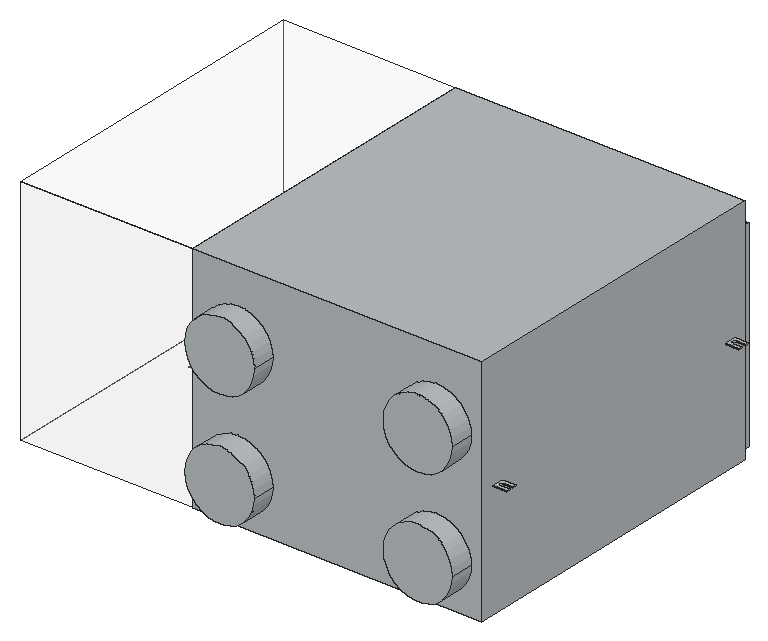
Revit family "lgh-n150_200rx4d_50Hz", category 機械設備, Revit 2019
Family settings
  丸型コネクタ寸法 = 直径を使用
  パーツ タイプ = 標準
  OmniClass 番号 = 23.75.10.34.21
  OmniClass タイトル = Heat Exchangers for Ventilation Air
  作業面ベース = いいえ
  常に垂直 = はい
  ロード時にボイドで切り取り = いいえ
  共有 = いいえ
  部屋計算ポイント = はい
Parameters (values of type "LGH-N150RX4D")
  騒音レベル(dB(A)) = 55
  風量 = 1500.0 m³/h
  面風速 = 8.5 m/s
  電源種別 [instance] = "一般"
  電圧 = 200 V
  電動機出力 = 0 W
  集中コントローラ = ""
  運転質量 = 0.00 kg
  連動 [instance] = ""
  質量 = if(製品質量 > 運転質量, 製品質量, 運転質量) * 1.2  # 144.00 kg
  負荷分類 = 3_ファン類
  説明 = "業務用ロスナイ 天井埋込形"
  設計風量 = 0.0 m³/h
  設置方法 = "天井吊(隠ぺい)形"
  記号 [instance] = ""
  製造元 = "MITSIBISHI ELECTRIC"
  製品質量 = 120.00 kg
  製品出荷対象 = "国内"
  製品リリース年月 = "2023/5/15"
  製品グループ = ""
  系統 [instance] = ""
  符号 = "HEU"
  積算_科目 = "1 空気調和設備"
  積算_拾い区分 [instance] = ""
  相 = 1
  盤記号 [instance] = ""
  発停方法 [instance] = ""
  特殊仕様 [instance] = ""
  点検口高さ = -Height  # -808 mm
  点検口離隔 = 150 mm
  点検口_Depth = 450 mm
  点検口 = yes
  火災停止 [instance] = ""
  温度交換効率 = 74.00%
  消費電力 = 840 W
  法定耐用年数 = "15"
  機外静圧_排気 = 170.0 Pa
  機外静圧 = 170.0 Pa
  極数 = 3
  材質 [instance] = ""
  本体マテリアル = 溶融亜鉛めっき鋼板
  操作・制御方式 = ""
  操作・制御スイッチ = ""
  排気量 = 0.0 m³/h
  形式 = "天井埋込ダクト形"
  幹線記号 [instance] = ""
  対象室 [instance] = ""
  実風量 = 0.0 m³/h
  始動方式 [instance] = "直入"
  天吊金具_径 = 15 mm
  天吊金具_幅 = 30 mm
  外気量 = 設計風量  # 0.0 m³/h
  呼称 = "全熱交換ユニット"
  周波数 = 50 Hz
  天吊金具ピッチ2 = 1010 mm
  天吊金具ピッチ1 = 1045 mm
  天吊金具_高さ = 404 mm
  参照している仕様書等のバージョン = ""
  初期抵抗 = 0.0 Pa
  分類コード = "50052504100070"
  分類グループ = ""
  価格 = 1065000
  企業コード = "108420"
  付属品_フィルター_還気 = ""
  付属品_フィルター = ""
  付属品 [instance] = ""
  仕様書バージョン = "Version1.0"
  モデル = "LGH-N150RX4D"
  メンテナンススペース = yes
  ダクト高 = 700 mm
  ダクト径 = 250 mm
  ダクト幅 = 270 mm
  コメント [instance] = ""
  Keynote = ""
  エンタルピ交換効率_暖房 = 76.00%
  エンタルピ交換効率_冷房 = 66.00%
  Assembly Code = ""
  Width = 1004 mm
  Version = ""
  Uniclass2015Version = "Systems v1.9"
  Uniclass2015Title = "Thermal wheels"
  Uniclass2015Code = "Pr_60_60_36_88"
  URL = "https://www.mitsubishielectric.co.jp/ldg/wink/qr/002/324468/"
  SpecificationReference = ""
  SpecificationDescription = ""
  SMAX風量 = 1500.0 m³/h
  SMAX静圧 = 170.0 Pa
  SAサイズ_D = 242 mm
  Revision = ""
  RAサイズ_D = 242 mm
  ProductInformation = ""
  OmniClassCode = "23-27 23 19 11"
  OAサイズ_W = 270 mm
  OAサイズ_D = 700 mm
  MIN風量 = 770.0 m³/h
  MIN静圧 = 41.0 Pa
  MID風量 = 1260.0 m³/h
  MID静圧 = 109.0 Pa
  MAX風量 = 1500.0 m³/h
  MAX静圧 = 155.0 Pa
  IfcTypeProduct = ""
  IfcProduct = ""
  IfcExportType = "ROTARYWHEEL"
  IfcExportAs = "IfcAirToAirHeatRecoveryType"
  Height = 808 mm
  EAサイズ_W = 270 mm
  EAサイズ_D = 700 mm
  Duct_Pitch = 690 mm
  Duct_Height = 242 mm
  Duct_Depth_SA_RA = 79 mm
  Duct_Depth_OA_EA = 44 mm
  Depth = 1144 mm
  Clearance Top = 0 mm
  Clearance Left = 600 mm
  Clearance Bottom = 0 mm
  Box_Width = 115 mm
  Box_Height = 262 mm
  Box_H = 125 mm
  Box_Depth = 172 mm
  Box_D = 144 mm
  Author = "MITSUBISHI ELECTRIC"
Types (2, lengths in mm): name | 騒音レベル(dB(A)) | 風量 | 面風速 | 質量 | 製品質量 | 温度交換効率 | 消費電力 | 機外静圧_排気 | 機外静圧 | 天吊金具ピッチ1 | 価格 | モデル | エンタルピ交換効率_暖房 | エンタルピ交換効率_冷房 | Width | URL | SMAX風量 | SMAX静圧 | MIN風量 | MIN静圧 | MID風量 | MID静圧 | MAX風量 | MAX静圧 | Duct_Pitch
  LGH-N150RX4D | 55 | 1500.0 m³/h | 8.5 m/s | 144.00 kg | 120.00 kg | 74.00% | 840 W | 170.0 Pa | 170.0 Pa | 1045 | 1065000 | "LGH-N150RX4D" | 76.00% | 66.00% | 1004 | "https://www.mitsubishielectric.co.jp/ldg/wink/qr/002/324468/" | 1500.0 m³/h | 170.0 Pa | 770.0 m³/h | 41.0 Pa | 1260.0 m³/h | 109.0 Pa | 1500.0 m³/h | 155.0 Pa | 690
  LGH-N200RX4D | 56 | 2000.0 m³/h | 11.3 m/s | 158.40 kg | 132.00 kg | 73.00% | 1060 W | 155.0 Pa | 155.0 Pa | 1272 | 1210000 | "LGH-N200RX4D" | 75.00% | 65.00% | 1231 | "https://www.mitsubishielectric.co.jp/ldg/wink/qr/002/324471/" | 2000.0 m³/h | 155.0 Pa | 840.0 m³/h | 23.0 Pa | 1400.0 m³/h | 64.0 Pa | 2000.0 m³/h | 130.0 Pa | 917
Reference planes
  plane 1 "中心(正面/背面)": y = 0
  plane 2: z = 0
  plane 3 "中心(左/右)": x = 0
  plane 4: x = -502
  plane 5: x = 502
  plane 6: y = 572
  plane 7: y = -572
  plane 8: z = -808
  plane 9: z = -242
  plane 10: x = -345
  plane 11: x = 345
  plane 12: y = -651
  plane 13: y = 616
  plane 14: x = -581
  plane 15: x = 581
  plane 16: x = -1102
  plane 17: y = -428
  plane 18: y = -256
  plane 19: z = -125
  plane 20: z = -387
  plane 21: x = -617
  plane 22: x = -652
  plane 23: y = 225
  plane 24: x = -522.5
  plane 25: x = 522.5
  plane 26: y = 505
  plane 27: y = -505
  plane 28: y = -225
  plane 29: x = -552.5
  plane 30: y = 525
  plane 31: y = 485
  plane 32: y = -485
  plane 33: y = -525
  plane 34: z = -5
  plane 35: z = -404
  plane 36: z = -407
  plane 37: x = 552.5
  plane 38: z = -404
  plane 39: x = 480
  plane 40: x = 210
  plane 41: x = -480
  plane 42: x = -210
  plane 43: z = -94
  plane 44: z = -794
  plane 45: z = -94
  plane 46: z = -794
  plane 47: z = -646
  plane 48: z = -529
  plane 49: z = -791
  plane 50: z = -444
  plane 51: z = 0
  plane 52: z = -808
Forms (mm)
  Extrusion 1, solid, material "溶融亜鉛めっき鋼板" <- "本体マテリアル", detail levels fine
    sketch origin (0, 0, 0) x (1, 0, 0) y (0, 1, 0)
      loop
        line (-502, 572) -> (-502, -572) -> (502, -572) -> (502, 572) -> (-502, 572)
    from 0 to -808
  Extrusion 2, solid, material "溶融亜鉛めっき鋼板" <- "本体マテリアル", detail levels fine
    sketch origin (502, -572, 0) x (-1, 0, 0) y (0, 0, -1)
      loop
        circle (847, 242) r 121
    from 0 to 79
  Extrusion 3, solid, material "溶融亜鉛めっき鋼板" <- "本体マテリアル", detail levels fine
    sketch origin (510, -445, 0) x (-1, 0, 0) y (0, 0, -1)
      loop
        circle (165, 242) r 121
    from 127 to 206
  Extrusion 4, solid, material "溶融亜鉛めっき鋼板" <- "本体マテリアル", detail levels fine
    sketch origin (-502, -572, 0) x (0, 1, 0) y (0, 0, -1)
      loop
        line (316, 125) -> (316, 387) -> (144, 387) -> (144, 125) -> (316, 125)
      loop
        line (316, 529) -> (316, 791) -> (144, 791) -> (144, 529) -> (316, 529)
    from 0 to 115
  Extrusion 5, solid, material "溶融亜鉛めっき鋼板" <- "本体マテリアル", detail levels fine
    sketch origin (0, 0, 0) x (1, 0, 0) y (0, 1, 0)
      loop
        line (-552.5, 525) -> (-552.5, 512.5) -> (-522.5, 512.5)
        arc (-522.5, 512.5) -> (-515, 505) -> (-522.5, 497.5) r 7.5
        line (-522.5, 497.5) -> (-552.5, 497.5) -> (-552.5, 485) -> (-502, 485) -> (-502, 525) -> (-552.5, 525)
    from -404 to -407
  Extrusion 6, solid, material "溶融亜鉛めっき鋼板" <- "本体マテリアル", detail levels fine
    sketch origin (0, 0, 0) x (1, 0, 0) y (0, 1, 0)
      loop
        line (-552.5, -525) -> (-502, -525) -> (-502, -485) -> (-552.5, -485) -> (-552.5, -497.5) -> (-522.5, -497.5)
        arc (-522.5, -497.5) -> (-515, -505) -> (-522.5, -512.5) r 7.5
        line (-522.5, -512.5) -> (-552.5, -512.5) -> (-552.5, -525)
    from -404 to -407
  Extrusion 7, solid, material "溶融亜鉛めっき鋼板" <- "本体マテリアル", detail levels fine
    sketch origin (0, 0, 0) x (-1, 0, 0) y (0, -1, 0)
      loop
        line (-552.5, 525) -> (-552.5, 512.5) -> (-522.5, 512.5)
        arc (-522.5, 512.5) -> (-515, 505) -> (-522.5, 497.5) r 7.5
        line (-522.5, 497.5) -> (-552.5, 497.5) -> (-552.5, 485) -> (-502, 485) -> (-502, 525) -> (-552.5, 525)
    from -404 to -407
  Extrusion 8, solid, material "溶融亜鉛めっき鋼板" <- "本体マテリアル", detail levels fine
    sketch origin (0, 0, 0) x (-1, 0, 0) y (0, -1, 0)
      loop
        line (-552.5, -525) -> (-502, -525) -> (-502, -485) -> (-552.5, -485) -> (-552.5, -497.5) -> (-522.5, -497.5)
        arc (-522.5, -497.5) -> (-515, -505) -> (-522.5, -512.5) r 7.5
        line (-522.5, -512.5) -> (-552.5, -512.5) -> (-552.5, -525)
    from -404 to -407
  Extrusion 9, solid, material "溶融亜鉛めっき鋼板" <- "本体マテリアル", detail levels fine
    sketch origin (0, 0, 0) x (1, 0, 0) y (0, 0, 1)
      loop
        circle (-345, -646) r 121
    from 572 to 651
  Extrusion 10, solid, material "溶融亜鉛めっき鋼板" <- "本体マテリアル", detail levels fine
    sketch origin (0, 0, 0) x (1, 0, 0) y (0, 0, 1)
      loop
        circle (345, -646) r 121
    from 572 to 651
  Extrusion 11, solid, material "溶融亜鉛めっき鋼板" <- "本体マテリアル", detail levels fine
    sketch origin (0, 0, 0) x (1, 0, 0) y (0, 0, 1)
      loop
        line (480, -794) -> (480, -94) -> (210, -94) -> (210, -794) -> (480, -794)
    from -616 to -572
  Extrusion 12, solid, material "溶融亜鉛めっき鋼板" <- "本体マテリアル", detail levels fine
    sketch origin (0, 0, 0) x (1, 0, 0) y (0, 0, 1)
      loop
        line (-480, -794) -> (-210, -794) -> (-210, -94) -> (-480, -94) -> (-480, -794)
    from -616 to -572
Lines and regions (mm)
  Masking region 1, detail levels coarse+medium
    outline origin (1326.5, 29, 0) x (1, 0, 0) y (0, 1, 0)
      loop
        line (-1828.5, 543) -> (-1828.5, -601) -> (-824.5, -601) -> (-824.5, 543) -> (-1828.5, 543)
  symbolic lines, detail levels coarse+medium
    curve 1: line (0, 572, 0) -> (-502, 0, 0)
    curve 2: line (-502, 0, 0) -> (0, -572, 0)
    curve 3: line (0, -572, 0) -> (502, 0, 0)
    curve 4: line (502, 0, 0) -> (0, 572, 0)
Dimensions and locks
  equal spacing: plane 4, plane 3 "中心(左/右)", plane 5
  "Width": plane 4 to plane 5
  equal spacing: plane 6, plane 1 "中心(正面/背面)", plane 7
  "Depth": plane 6 to plane 7
  "Height": level to plane 8
  "Duct_Height": level to plane 9
  equal spacing: plane 11, plane 3 "中心(左/右)", plane 10
  "Duct_Pitch": plane 11 to plane 10
  "Duct_Depth_OA_EA": plane 13 to plane 6
  "Duct_Depth_SA_RA": plane 7 to plane 12
  "Duct_Depth_SA_RA": plane 5 to plane 15
  "Duct_Depth_SA_RA": plane 14 to plane 4
  "Clearance Left": plane 16 to plane 4
  "Box_H": level to plane 19
  "Box_Height": plane 19 to plane 20
  "Box_D": plane 17 to plane 7
  "Box_Depth": plane 18 to plane 17
  "Box_Width": plane 21 to plane 4
  "点検口離隔": plane 22 to plane 4
  equal spacing: plane 24, plane 3 "中心(左/右)", plane 25
  "天吊金具ピッチ1": plane 24 to plane 25
  equal spacing: plane 26, plane 1 "中心(正面/背面)", plane 27
  "天吊金具ピッチ2": plane 26 to plane 27
  equal spacing: plane 23, plane 1 "中心(正面/背面)", plane 28
  "点検口_Depth": plane 23 to plane 28
  equal spacing: plane 30, plane 26, plane 31
  locked: plane 30 to plane 31 at 40
  "天吊金具_幅": plane 29 to plane 24
  "天吊金具_高さ": level to plane 35
  locked: plane 35 to plane 36 at 3
  equal spacing: plane 32, plane 27, plane 33
  locked: plane 32 to plane 33 at 40
  "天吊金具_幅": plane 25 to plane 37
  equal spacing: plane 8, plane 38, level
  equal spacing: plane 40, plane 11, plane 39
  "EAサイズ_W": plane 40 to plane 39
  equal spacing: plane 42, plane 10, plane 41
  "OAサイズ_W": plane 42 to plane 41
  "EAサイズ_D": plane 44 to plane 43
  "OAサイズ_D": plane 46 to plane 45
  "Duct_Height": plane 38 to plane 47
  "Box_H": plane 38 to plane 48
  "Box_Height": plane 48 to plane 49
  locked: plane 50 to plane 38 at 40
  equal spacing: plane 44, plane 50, plane 43
  equal spacing: plane 46, plane 50, plane 45
  "Clearance Top": plane 51 to level
  "Clearance Bottom": plane 8 to plane 52
  "RAサイズ_D": diameter of Extrusion 3 sketch curve
  "SAサイズ_D": diameter of Extrusion 9 sketch curve
  "RAサイズ_D": diameter of Extrusion 10 sketch curve
  "SAサイズ_D": diameter of Extrusion 2 sketch curve
  "天吊金具_径": diameter of Extrusion 6 sketch curve
  "天吊金具_径": diameter of Extrusion 7 sketch curve
  "天吊金具_径": diameter of Extrusion 8 sketch curve
  "天吊金具_径": diameter of Extrusion 5 sketch curve
  aligned and locked: level to plane 2
  aligned and locked: Extrusion 1 to plane 8
  aligned and locked: Extrusion 2 to plane 12
  aligned and locked: plane 7 to Extrusion 2
  aligned and locked: plane 7 to Extrusion 3
  aligned and locked: Extrusion 3 to plane 12
  aligned and locked: plane 16 to nested 1
  aligned and locked: plane 4 to nested 1
  aligned and locked: nested 1 to plane 6
  aligned and locked: nested 1 to plane 7
  aligned and locked: Extrusion 4 to plane 21
  aligned and locked: plane 4 to Extrusion 4
  aligned and locked: Masking region 1 to plane 4
  aligned and locked: plane 5 to Masking region 1
  aligned and locked: plane 6 to Masking region 1
  aligned and locked: Masking region 1 to plane 7
  aligned and locked: plane 25 to nested 2
  aligned and locked: plane 24 to nested 2
  aligned and locked: nested 2 to plane 27
  aligned and locked: plane 26 to nested 2
  aligned and locked: Extrusion 4 to plane 18
  aligned and locked: Extrusion 4 to plane 20
  aligned and locked: plane 19 to Extrusion 4
  aligned and locked: plane 17 to Extrusion 4
  aligned and locked: plane 22 to nested 3
  aligned and locked: plane 16 to nested 3
  aligned and locked: plane 23 to nested 3
  aligned and locked: nested 3 to plane 28
  aligned and locked: plane 29 to Extrusion 5 sketch curve  (x2)
  aligned and locked: Extrusion 5 sketch curve to plane 4
  aligned and locked: plane 31 to Extrusion 5 sketch curve
  aligned and locked: Extrusion 5 sketch curve to plane 30
  aligned and locked: Extrusion 5 to plane 35
  aligned and locked: Extrusion 5 to plane 36
  aligned and locked: Extrusion 6 sketch curve to plane 29  (x2)
  aligned and locked: plane 32 to Extrusion 6 sketch curve
  aligned and locked: Extrusion 6 sketch curve to plane 33
  aligned and locked: plane 4 to Extrusion 6 sketch curve
  aligned and locked: plane 35 to Extrusion 6
  aligned and locked: Extrusion 6 to plane 36
  aligned and locked: plane 37 to Extrusion 7 sketch curve  (x2)
  aligned and locked: Extrusion 7 sketch curve to plane 32
  aligned and locked: plane 33 to Extrusion 7 sketch curve
  aligned and locked: plane 5 to Extrusion 7 sketch curve
  aligned and locked: Extrusion 7 to plane 36
  aligned and locked: plane 35 to Extrusion 7
  aligned and locked: Extrusion 8 sketch curve to plane 37  (x2)
  aligned and locked: Extrusion 8 sketch curve to plane 31
  aligned and locked: plane 30 to Extrusion 8 sketch curve
  aligned and locked: Extrusion 8 sketch curve to plane 5
  aligned and locked: plane 35 to Extrusion 8
  aligned and locked: Extrusion 8 to plane 36
  aligned and locked: Extrusion 9 to plane 12
  aligned and locked: plane 7 to Extrusion 9
  aligned and locked: Extrusion 10 to plane 12
  aligned and locked: plane 7 to Extrusion 10
  aligned and locked: plane 44 to Extrusion 11 sketch curve
  aligned and locked: plane 39 to Extrusion 11 sketch curve
  aligned and locked: Extrusion 11 sketch curve to plane 43
  aligned and locked: Extrusion 11 sketch curve to plane 40
  aligned and locked: Extrusion 12 sketch curve to plane 46
  aligned and locked: Extrusion 12 sketch curve to plane 41
  aligned and locked: plane 45 to Extrusion 12 sketch curve
  aligned and locked: plane 42 to Extrusion 12 sketch curve
  aligned and locked: plane 13 to Extrusion 12
  aligned and locked: Extrusion 12 to plane 6
  aligned and locked: plane 13 to Extrusion 11
  aligned and locked: Extrusion 11 to plane 6
  aligned and locked: Extrusion 4 sketch curve to plane 48
  aligned and locked: plane 18 to Extrusion 4 sketch curve
  aligned and locked: plane 49 to Extrusion 4 sketch curve
  aligned and locked: Extrusion 4 sketch curve to plane 17
  aligned and locked: plane 52 to nested 1
  aligned and locked: plane 51 to nested 1
Automatic sketch dimensions
  plane 1 "中心(正面/背面)" to curve 1 = 0 mm
  curve 1 to plane 4 = 0 mm
  curve 2 to plane 3 "中心(左/右)" = 0 mm
  curve 4 to plane 3 "中心(左/右)" = 0 mm
  plane 1 "中心(正面/背面)" to curve 4 = 0 mm
  curve 4 to plane 5 = 0 mm
  curve 2 to plane 7 = 0 mm
  curve 4 to plane 6 = 0 mm
  Extrusion 1 sketch curve to plane 4 = 0 mm
  Extrusion 1 sketch curve to plane 5 = 0 mm
  Extrusion 1 sketch curve to plane 7 = 0 mm
  Extrusion 1 sketch curve to plane 6 = 0 mm
  Extrusion 3 sketch curve to plane 9 = 0 mm
  Extrusion 3 sketch curve to plane 11 = 0 mm
  Masking region 1 sketch curve to plane 4 = 0 mm
  Masking region 1 sketch curve to plane 5 = 0 mm
  Masking region 1 sketch curve to plane 7 = 0 mm
  Masking region 1 sketch curve to plane 6 = 0 mm
  Extrusion 9 sketch curve to plane 10 = 0 mm
  Extrusion 9 sketch curve to plane 47 = 0 mm
  Extrusion 10 sketch curve to plane 11 = 0 mm
  Extrusion 10 sketch curve to plane 47 = 0 mm
  Extrusion 5 sketch curve to plane 24 = 0 mm
  Extrusion 5 sketch curve to plane 26 = 0 mm
  Extrusion 6 sketch curve to plane 24 = 0 mm
  Extrusion 6 sketch curve to plane 27 = 0 mm
  Extrusion 7 sketch curve to plane 25 = 0 mm
  Extrusion 7 sketch curve to plane 27 = 0 mm
  Extrusion 8 sketch curve to plane 25 = 0 mm
  Extrusion 8 sketch curve to plane 26 = 0 mm
  Extrusion 1 to Extrusion 2 sketch curve = 157 mm
  Extrusion 1 to Extrusion 2 sketch curve = 242 mm
  Extrusion 4 sketch curve to Extrusion 1 = 144 mm
  Extrusion 4 sketch curve to Extrusion 4 sketch curve = 172 mm
  Extrusion 4 sketch curve to Extrusion 4 sketch curve = 142 mm
  Extrusion 1 to Extrusion 4 sketch curve = 125 mm
Nested families
  nested 1: "メンテナンススペース" at (-802, 0, -404), visible <- "メンテナンススペース", type "メンテナンススペース"
    with Width 600 mm, Height 808 mm, Depth 1144 mm
  nested 2: "固定点" at (-522.5, -505, 0), type "固定点"
    with W 1045 mm, D 1010 mm
  nested 3: "点検口設置範囲" at (-877, 0, -808), built-in parameter 1001364 <- "点検口高さ", visible <- "点検口", type "点検口設置範囲"
    with Width 450 mm, Depth 450 mm
Connectors
  hvac at (-345, -651, -242), driven by "ダクト径", driven by "機外静圧", driven by "風量"
    settings: on Extrusion 2, index 1, duct flow 1500.0 m³/h, flow factor 0, pres drop 170.0 Pa, loss coef 0, conn angle 0.00°, conn width 304.8 mm, conn height 304.8 mm, conn diameter 250 mm, duct sys type 1, conn prof type 0, flow config 0, flow direction 2, loss method 4, conn ref index -1, conn util no, is conn primary yes, conn desc ""
  hvac at (345, -651, -242), driven by "ダクト径", driven by "機外静圧", driven by "風量"
    settings: on Extrusion 3, index 2, duct flow 1500.0 m³/h, flow factor 0, pres drop 170.0 Pa, loss coef 0, conn angle 0.00°, conn width 304.8 mm, conn height 304.8 mm, conn diameter 250 mm, duct sys type 2, conn prof type 0, flow config 0, flow direction 1, loss method 4, conn ref index -1, conn util no, is conn primary no, conn desc ""
  electrical at (-559.5, -428, -256), driven by "負荷分類", driven by "極数", driven by "電圧", driven by "消費電力"
    settings: on Extrusion 4, index 7, voltage 200 V, apparent load 840 VA, apparent load phase1 0 VA, apparent load phase2 0 VA, apparent load phase3 0 VA, power factor 1, load classification "3_ファン類", number of poles 3, system type 30, power factor state 1, is connector primary yes, connector utility no, sub classification motor no, connector description ""
  hvac at (-345, -651, -646), driven by "ダクト径", driven by "機外静圧", driven by "風量"
    settings: on Extrusion 9, index 8, duct flow 1500.0 m³/h, flow factor 0, pres drop 170.0 Pa, loss coef 0, conn angle 0.00°, conn width 304.8 mm, conn height 304.8 mm, conn diameter 250 mm, duct sys type 1, conn prof type 0, flow config 0, flow direction 2, loss method 4, conn ref index -1, conn util no, is conn primary no, conn desc ""
  hvac at (345, -651, -646), driven by "ダクト径", driven by "機外静圧", driven by "風量"
    settings: on Extrusion 10, index 9, duct flow 1500.0 m³/h, flow factor 0, pres drop 170.0 Pa, loss coef 0, conn angle 0.00°, conn width 304.8 mm, conn height 304.8 mm, conn diameter 250 mm, duct sys type 2, conn prof type 0, flow config 0, flow direction 1, loss method 4, conn ref index -1, conn util no, is conn primary no, conn desc ""
  hvac at (345, 616, -444), driven by "ダクト高", driven by "ダクト幅", driven by "機外静圧_排気", driven by "排気量"
    settings: on Extrusion 11, index 10, duct flow 0.0 m³/h, flow factor 0, pres drop 170.0 Pa, loss coef 0, conn angle 0.00°, conn width 270 mm, conn height 700 mm, conn diameter 609.6 mm, duct sys type 3, conn prof type 1, flow config 0, flow direction 2, loss method 4, conn ref index -1, conn util no, is conn primary no, conn desc ""
  hvac at (-345, 616, -444), driven by "ダクト幅", driven by "ダクト高", driven by "機外静圧", driven by "風量"
    settings: on Extrusion 12, index 11, duct flow 1500.0 m³/h, flow factor 0, pres drop 170.0 Pa, loss coef 0, conn angle 0.00°, conn width 270 mm, conn height 700 mm, conn diameter 609.6 mm, duct sys type 4, conn prof type 1, flow config 0, flow direction 1, loss method 4, conn ref index -1, conn util no, is conn primary no, conn desc ""
Definition of nested family "メンテナンススペース"
  Parameters (values of type "メンテナンススペース")
    Width [instance] = 500 mm
    Height [instance] = 500 mm
    Depth [instance] = 500 mm
  Reference planes
    plane 1 "中心(正面/背面)": y = 0
    plane 2: z = 0
    plane 3 "中心(左/右)": x = 0
    plane 4: y = -250
    plane 5: x = 250
    plane 6: y = 250
    plane 7: x = -250
    plane 8: z = 250
    plane 9: z = -250
  Forms (mm)
    Extrusion 1, solid
      sketch origin (-638.939, 0, 72.39) x (1, 0, 0) y (0, 1, 0)
        loop
          line (388.939, 250) -> (388.939, -250) -> (888.939, -250) -> (888.939, 250) -> (388.939, 250)
      from -322.39 to 177.61
  Lines and regions (mm)
    symbolic lines
      curve 1: line (-250, 0, 250) -> (250, 0, 250)
      curve 2: line (-250, 0, -250) -> (-250, 0, 250)
      curve 3: line (250, 0, -250) -> (-250, 0, -250)
      curve 4: line (250, 0, 250) -> (250, 0, -250)
      curve 5: line (0, -250, 250) -> (0, 250, 250)
      curve 6: line (0, -250, -250) -> (0, -250, 250)
      curve 7: line (0, 250, -250) -> (0, -250, -250)
      curve 8: line (0, 250, 250) -> (0, 250, -250)
      curve 9: line (-250, 250, 0) -> (250, 250, 0)
      curve 10: line (-250, -250, 0) -> (-250, 250, 0)
      curve 11: line (250, -250, 0) -> (-250, -250, 0)
      curve 12: line (250, 250, 0) -> (250, -250, 0)
  Dimensions and locks
    equal spacing: plane 7, plane 3 "中心(左/右)", plane 5
    equal spacing: plane 4, plane 1 "中心(正面/背面)", plane 6
    "Depth": plane 4 to plane 6
    "Width": plane 7 to plane 5
    equal spacing: plane 8, plane 2, plane 9
    "Height": plane 8 to plane 9
    aligned and locked: plane 9 to curve 3
    aligned and locked: plane 7 to curve 2
    aligned and locked: curve 4 to plane 5
    aligned and locked: plane 5 to Extrusion 1
    aligned and locked: Extrusion 1 to plane 7
    aligned and locked: Extrusion 1 to plane 9
    aligned and locked: plane 8 to Extrusion 1
    aligned and locked: plane 9 to curve 7
  Automatic sketch dimensions
    plane 4 to Extrusion 1 sketch curve = 0 mm
    Extrusion 1 sketch curve to plane 7 = 0 mm
    Extrusion 1 sketch curve to plane 5 = 0 mm
    plane 6 to Extrusion 1 sketch curve = 0 mm
    curve 2 to plane 8 = 0 mm
    plane 4 to curve 11 = 0 mm
    curve 11 to plane 7 = 0 mm
    curve 11 to plane 5 = 0 mm
    plane 6 to curve 10 = 0 mm
    curve 7 to plane 4 = 0 mm
    curve 7 to plane 6 = 0 mm
    curve 6 to plane 8 = 0 mm
Definition of nested family "固定点"
  Parameters (values of type "固定点")
    中心円 = 20 mm
    W [instance] = 1000 mm
    D [instance] = 1000 mm
  Reference planes
    plane 1 "中心(正面/背面)": y = 0
    plane 2: z = 0
    plane 3 "中心(左/右)": x = 0
    plane 4: x = 1000
    plane 5: y = 1000
  Lines and regions (mm)
    symbolic lines, detail levels fine
      curve 1: circle (0, 1000, 0) r 10 normal (0, 0, 1)
      curve 2: circle (0, 0, 0) r 10 normal (0, 0, 1)
      curve 3: circle (1000, 1000, 0) r 10 normal (0, 0, 1)
      curve 4: circle (1000, 0, 0) r 10 normal (0, 0, 1)
      curve 5: line (-200, 1000, 0) -> (1200, 1000, 0)
      curve 6: line (-200, 0, 0) -> (1200, 0, 0)
      curve 7: line (0, 1200, 0) -> (0, -200, 0)
      curve 8: line (1000, 1200, 0) -> (1000, -200, 0)
  Dimensions and locks
    "W": plane 3 "中心(左/右)" to plane 4
    "D": plane 1 "中心(正面/背面)" to plane 5
    "中心円": diameter of curve 1
    "中心円": diameter of curve 2
    "中心円": diameter of curve 3
    "中心円": diameter of curve 4
    aligned and locked: level to plane 2
    aligned and locked: plane 5 to curve 1
    aligned and locked: plane 3 "中心(左/右)" to curve 1
    aligned and locked: plane 3 "中心(左/右)" to curve 2
    aligned and locked: plane 1 "中心(正面/背面)" to curve 2
    aligned and locked: plane 4 to curve 3
    aligned and locked: plane 5 to curve 3
    aligned and locked: plane 1 "中心(正面/背面)" to curve 4
    aligned and locked: plane 4 to curve 4
    aligned and locked: plane 1 "中心(正面/背面)" to curve 6
    aligned and locked: curve 7 to plane 3 "中心(左/右)"
    aligned and locked: curve 8 to plane 4
  Automatic sketch dimensions
    curve 5 to plane 5 = 0 mm
    curve 6 to plane 3 "中心(左/右)" = 200 mm
    curve 5 to plane 3 "中心(左/右)" = 200 mm
    curve 4 to curve 6 = 200 mm
    curve 3 to curve 5 = 200 mm
    plane 1 "中心(正面/背面)" to curve 8 = 200 mm
    plane 1 "中心(正面/背面)" to curve 7 = 200 mm
    curve 3 to curve 8 = 200 mm
    curve 1 to curve 7 = 200 mm
Definition of nested family "点検口設置範囲"
  Parameters (values of type "点検口設置範囲")
    Width [instance] = 1000 mm
    Depth [instance] = 700 mm
  Reference planes
    plane 1 "中心(正面/背面)": y = 0
    plane 2: z = 0
    plane 3 "中心(左/右)": x = 0
    plane 4: x = -500
    plane 5: x = 500
    plane 6: y = -350
    plane 7: y = 350
  Lines and regions (mm)
    model lines
      curve 1: line (-500, 350, 0) -> (500, 350, 0)
      curve 2: line (-500, -350, 0) -> (-500, 350, 0)
      curve 3: line (500, -350, 0) -> (-500, -350, 0)
      curve 4: line (500, 350, 0) -> (500, -350, 0)
  Dimensions and locks
    "Depth": plane 7 to plane 6
    "Width": plane 4 to plane 5
    equal spacing: plane 7, plane 1 "中心(正面/背面)", plane 6
    equal spacing: plane 4, plane 3 "中心(左/右)", plane 5
    aligned and locked: level to plane 2
    aligned and locked: plane 4 to curve 2
    aligned and locked: curve 1 to plane 7
    aligned and locked: curve 4 to plane 5
    aligned and locked: plane 6 to curve 3
